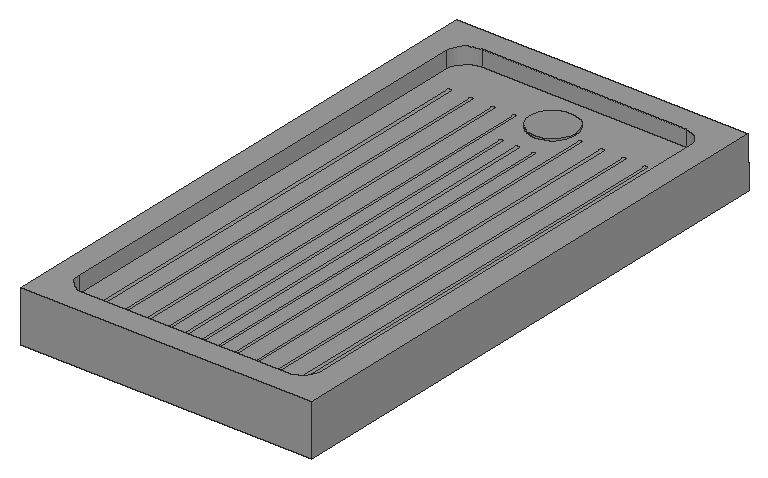
Revit family "RECEPTACULO ZEN 1500x800", category Plumbing Fixtures, Revit 2019
Family settings
  Round Connector Dimension = Use Diameter
  Part Type = Normal
  OmniClass Number = 23.45.00.00
  OmniClass Title = Sanitary, Laundry, and Cleaning Equipment
  Work Plane-Based = No
  Always vertical = Yes
  Cut with Voids When Loaded = No
  Shared = No
  Room Calculation Point = No
Reference planes
  plane 1 "Center (Front/Back)": y = 0
  plane 2: z = 0
  plane 3 "Center (Left/Right)": x = 0
Forms (mm)
  Extrusion 1, solid
    sketch origin (0, 0, 0) x (1, 0, 0) y (0, 1, 0)
      loop
        line (-50.437, -442.5) -> (749.563, -442.5) -> (749.563, 1057.5) -> (-50.437, 1057.5) -> (-50.437, -442.5)
    from 0 to 140
  Extrusion 2, void
    sketch origin (0, 0, 0) x (1, 0, 0) y (0, 1, 0)
      loop
        line (629.563, 992.5) -> (69.563, 992.5)
        arc (69.563, 992.5) -> (30.672, 976.391) -> (14.563, 937.5) r 55
        line (14.563, 937.5) -> (14.563, -322.5)
        arc (14.563, -322.5) -> (30.672, -361.391) -> (69.563, -377.5) r 55
        line (69.563, -377.5) -> (629.563, -377.5)
        arc (629.563, -377.5) -> (668.454, -361.391) -> (684.563, -322.5) r 55
        line (684.563, -322.5) -> (684.563, 937.5)
        arc (684.563, 937.5) -> (668.454, 976.391) -> (629.563, 992.5) r 55
    from 95 to 140
  Extrusion 3, solid
    sketch origin (0, 360, 0) x (1, 0, 0) y (0, 1, 0)
      loop
        circle (350, 525) r 62.5
    from 95 to 98.923
  Extrusion 4, solid
    sketch origin (-1.048, 0, -15.528) x (1, 0, 0) y (0, 0, 1)
      loop
        line (135.456, 110.528) -> (142.789, 110.528)
        arc (142.789, 110.528) -> (139.122, 112.128) -> (135.456, 110.528) r 5
      loop
        line (195.456, 110.528) -> (202.789, 110.528)
        arc (202.789, 110.528) -> (199.122, 112.128) -> (195.456, 110.528) r 5
      loop
        line (255.456, 110.528) -> (262.789, 110.528)
        arc (262.789, 110.528) -> (259.122, 112.128) -> (255.456, 110.528) r 5
      loop
        line (435.456, 110.528) -> (442.789, 110.528)
        arc (442.789, 110.528) -> (439.122, 112.128) -> (435.456, 110.528) r 5
      loop
        line (495.456, 110.528) -> (502.789, 110.528)
        arc (502.789, 110.528) -> (499.122, 112.128) -> (495.456, 110.528) r 5
      loop
        line (555.456, 110.528) -> (562.789, 110.528)
        arc (562.789, 110.528) -> (559.122, 112.128) -> (555.456, 110.528) r 5
      loop
        line (75.456, 110.528) -> (82.789, 110.528)
        arc (82.789, 110.528) -> (79.122, 112.128) -> (75.456, 110.528) r 5
      loop
        line (615.456, 110.528) -> (622.789, 110.528)
        arc (622.789, 110.528) -> (619.122, 112.128) -> (615.456, 110.528) r 5
    from -870.322 to 322.5
  Extrusion 5, solid
    sketch origin (-1.048, 0, -15.528) x (1, 0, 0) y (0, 0, 1)
      loop
        line (345.456, 110.528) -> (352.789, 110.528)
        arc (352.789, 110.528) -> (349.122, 112.128) -> (345.456, 110.528) r 5
      loop
        line (300.456, 110.528) -> (307.789, 110.528)
        arc (307.789, 110.528) -> (304.122, 112.128) -> (300.456, 110.528) r 5
      loop
        line (390.456, 110.528) -> (397.789, 110.528)
        arc (397.789, 110.528) -> (394.122, 112.128) -> (390.456, 110.528) r 5
    from -767.01 to 322.5
Cuts and joins
  Extrusion 2 cuts Extrusion 1
Dimensions and locks
  aligned and locked: level to plane 2
